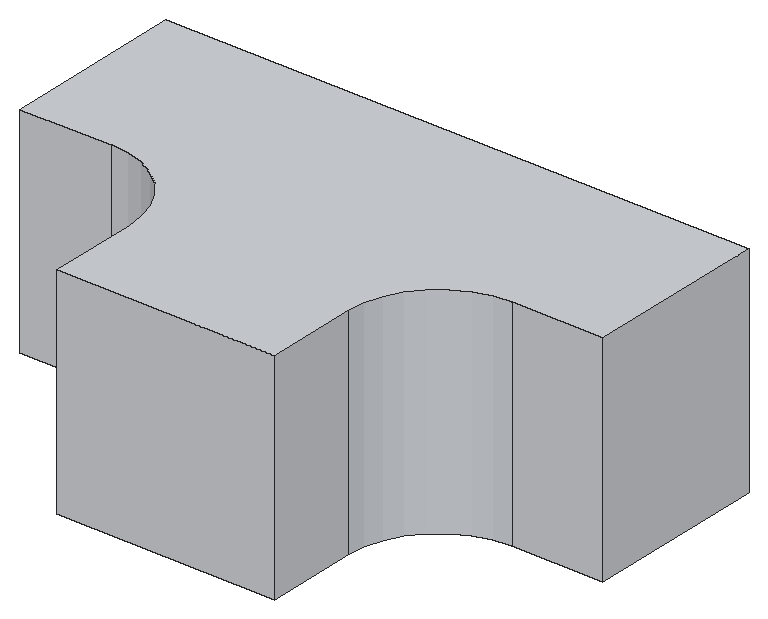
Revit family "M_Rectangular Tee - Fillet", category Duct Fittings, Revit 2014
Parameters (values of type "Standard")
  Duct Width 4 [instance] = if(Duct Width 3 > Duct Width 1, Duct Width 1, Duct Width 3)  # 250 mm
  Radius 2 [instance] = if(Duct Width 3 > Duct Width 1, Duct Width 1 / 2 + Radius 1, Duct Width 3 / 2 + Radius 1)  # 250 mm
  Length 1 [instance] = Duct Width 3 / 2 + Radius 1  # 275 mm
  Length 2 [instance] = Duct Width 1 / 2 + Radius 1  # 250 mm
  Radius 1 [instance] = Shoulder Length / 2  # 125 mm
  Duct Width 3 [instance] = 300 mm
  Duct Width 1 [instance] = 250 mm
  Shoulder Length [instance] = 250 mm
  Half Width 1 [instance] = Duct Width 1 / 2  # 125 mm
  Duct Length 3 [instance] = Duct Width 1 / 2 + Shoulder Length  # 375 mm
  Half Width 3 [instance] = Duct Width 3 / 2  # 150 mm
  Duct Length 1 [instance] = Duct Width 3 / 2 + Shoulder Length  # 400 mm
  Duct Height [instance] = 300 mm
  Assembly Code = ""
Reference planes
  plane 1 "Center (Front/Back)": y = 0
  plane 2: z = 0
  plane 3 "Center (Left/Right)": x = 0
  plane 4: x = -400
  plane 5: x = 400
  plane 6: y = -375
  plane 7: y = -250
  plane 8: x = -275
  plane 9: x = 275
Forms (mm)
  Sweep 1, solid, detail levels medium+fine
    path in 3D
      loop
        line (-400, 0, 0) -> (0, 0, 0)
    profile "M_Duct - Rectangular : Duct - Rectangular 1" origin (-200, 0, 0) x (0, 1, 0) y (0, 0, 1)
      loop
        line (-125, 150) -> (-125, -150) -> (125, -150) -> (125, 150) -> (-125, 150)
  Sweep 2, solid, detail levels medium+fine
    path in 3D
      loop
        line (0, 0, 0) -> (400, 0, 0)
    profile "M_Duct - Rectangular : Duct - Rectangular 1" origin (200, 0, 0) x (0, 1, 0) y (0, 0, 1)
      loop
        line (-125, 150) -> (-125, -150) -> (125, -150) -> (125, 150) -> (-125, 150)
  Sweep 3, solid, detail levels medium+fine
    path in 3D
      loop
        line (0, 0, 0) -> (0, -375, 0)
    profile "M_Duct - Rectangular : Duct - Rectangular 3" origin (0, -187.5, 0) x (1, 0, 0) y (0, 0, 1)
      loop
        line (-150, 150) -> (-150, -150) -> (150, -150) -> (150, 150) -> (-150, 150)
  Sweep 4, solid, detail levels medium+fine
    path in 3D
      loop
        arc (-275, 0, 0) -> (-98.223, -73.223, 0) -> (-25, -250, 0) r 250
    profile "M_Duct - Rectangular : Duct - Rectangular 4" origin (-98.223, -73.223, 0) x (0.707107, 0.707107, 0) y (0, 0, 1)
      loop
        line (-125, 150) -> (-125, -150) -> (125, -150) -> (125, 150) -> (-125, 150)
  Sweep 5, solid, detail levels medium+fine
    path in 3D
      loop
        arc (275, 0, 0) -> (98.223, -73.223, 0) -> (25, -250, 0) r 250
    profile "M_Duct - Rectangular : Duct - Rectangular 4" origin (98.223, -73.223, 0) x (0.707107, -0.707107, 0) y (0, 0, 1)
      loop
        line (-125, 150) -> (-125, -150) -> (125, -150) -> (125, 150) -> (-125, 150)
Cuts and joins
  joined: Sweep 1, Sweep 2, Sweep 3, Sweep 4, Sweep 5
Lines and regions (mm)
  model lines, style "DuctFitting", detail levels coarse
    curve 1: line (-400, 0, 0) -> (0, 0, 0)
    curve 2: line (0, 0, 0) -> (400, 0, 0)
    curve 3: line (0, 0, 0) -> (0, -375, 0)
  reference lines
    curve 4: arc (-275, 0, 0) -> (-98.223, -73.223, 0) -> (-25, -250, 0) r 250
    curve 6: arc (275, 0, 0) -> (98.223, -73.223, 0) -> (25, -250, 0) r 250
  sketch lines
    curve 5: arc (-275, 0, 0) -> (-98.223, -73.223, 0) -> (-25, -250, 0) r 250
    curve 7: arc (275, 0, 0) -> (98.223, -73.223, 0) -> (25, -250, 0) r 250
    curve 8: line (-400, 0, 0) -> (0, 0, 0)
    curve 9: line (0, 0, 0) -> (400, 0, 0)
    curve 10: line (0, 0, 0) -> (0, -375, 0)
Dimensions and locks
  equal spacing: plane 4, plane 3 "Center (Left/Right)", plane 5
  "Duct Length 1": plane 4 to plane 3 "Center (Left/Right)"
  "Duct Length 3": plane 6 to plane 1 "Center (Front/Back)"
  "Length 2": plane 7 to plane 1 "Center (Front/Back)"
  "Length 1": plane 8 to plane 3 "Center (Left/Right)"
  "Length 1": plane 3 "Center (Left/Right)" to plane 9
  "Radius 2": radius of curve 4
  "Radius 2": radius of curve 6
  aligned and locked: plane 7 to curve 4  (x2)
  aligned and locked: plane 8 to curve 4
  aligned and locked: plane 9 to curve 6  (x2)
  aligned and locked: plane 7 to curve 6  (x2)
  aligned and locked: plane 4 to curve 1
  aligned and locked: plane 3 "Center (Left/Right)" to curve 2
  aligned and locked: plane 5 to curve 2
  aligned and locked: plane 1 "Center (Front/Back)" to curve 3
  aligned and locked: plane 6 to curve 3
Connectors
  hvac at (-400, 0, 0), driven by "Duct Height", driven by "Duct Width 1"
    settings: on Sweep 1, index 1, duct flow 0.0 L/s, flow factor 0, pres drop 0.0 Pa, loss coef 0, conn angle 0.00°, conn width 250 mm, conn height 300 mm, conn diameter 609.6 mm, duct sys type 28, conn prof type 1, flow config 0, flow direction 0, loss method 0, conn ref index 2, conn util no, is conn primary yes, conn desc ""
  hvac at (400, 0, 0), driven by "Duct Height", driven by "Duct Width 1"
    settings: on Sweep 2, index 2, duct flow 0.0 L/s, flow factor 0, pres drop 0.0 Pa, loss coef 0, conn angle 0.00°, conn width 250 mm, conn height 300 mm, conn diameter 609.6 mm, duct sys type 28, conn prof type 1, flow config 0, flow direction 0, loss method 0, conn ref index 1, conn util no, is conn primary no, conn desc ""
  hvac at (0, -375, 0), driven by "Duct Height", driven by "Duct Width 3"
    settings: on Sweep 3, index 3, duct flow 0.0 L/s, flow factor 0, pres drop 0.0 Pa, loss coef 0, conn angle 0.00°, conn width 300 mm, conn height 300 mm, conn diameter 609.6 mm, duct sys type 28, conn prof type 1, flow config 0, flow direction 0, loss method 0, conn ref index -1, conn util no, is conn primary no, conn desc ""
